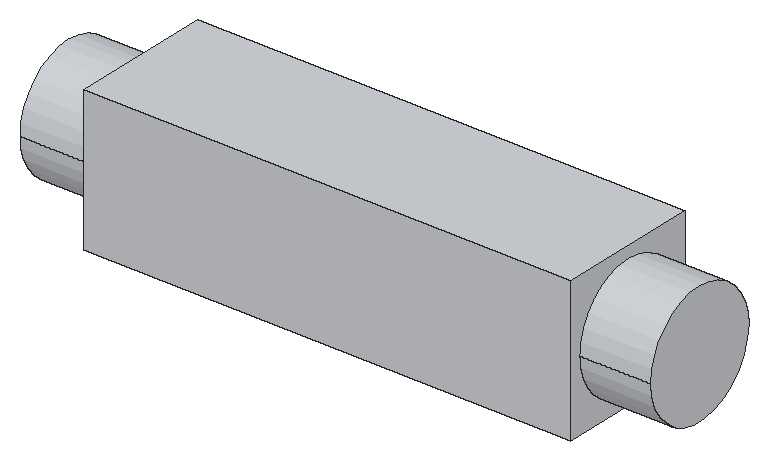
Revit family "M_Corpo do conduíte - Tipo C - PVC", category Conexões do conduite, Revit 2019
Family settings
  Cota do conector redondo = Usar raio
  Tipo de parte = União
  Número OmniClass = 23.80.30.17.11
  Título OmniClass = Conduits
  ID de item do Seek = Conduit Body - Type C - PVC-0000-CAN-ENU
  Com base no plano de trabalho = Não
  Sempre na vertical = Sim
  Corte com vazios quando carregada = Não
  Compartilhado = Não
Parameters (values of type "Padrão")
  Comprimento total [instance] = size_lookup(Pesquisa de tamanho de conduite, "TLgt", 3.77 * Diâmetro nominal + 83.542 mm, Diâmetro nominal)  # 142.392 mm
  Raio nominal [instance] = 8 mm
  Diâmetro nominal [instance] = Raio nominal * 2  # 16 mm
  Raio externo da conexão [instance] = Diâmetro externo da conexão * 0.5  # 13.716 mm
  Diâmetro externo da conexão [instance] = size_lookup(Pesquisa de tamanho de conduite, "FOD", 1.14 * Diâmetro nominal + 12.7 mm, Diâmetro nominal)  # 27.432 mm
  Pesquisa de tamanho de conduite = "M_Conduit Body - Type C - PVC"
  Comprimento do conduíte [instance] = size_lookup(Pesquisa de tamanho de conduite, "CLgt", 0.46 * Diâmetro nominal + 11.41 mm, Diâmetro nominal)  # 16.231 mm
  Largura do corpo do conduíte [instance] = size_lookup(Pesquisa de tamanho de conduite, "CBW", 1.34 * Diâmetro nominal + 15.28 mm, Diâmetro nominal)  # 32.207 mm
Reference planes
  plane 1 "Centro (Frente/Trás)": y = 0
  plane 2: z = 0
  plane 3 "Centro (Esquerda/Direita)": x = 0
  plane 4: y = 16.104
  plane 5: y = -16.104
  plane 6: z = 16.104
  plane 7: z = -16.104
  plane 8: x = 16.231
  plane 9: x = 126.162
  plane 10: x = 142.392
Forms (mm)
  Extrusion 1, solid
    sketch origin (0, 0, 0) x (1, 0, 0) y (0, 1, 0)
      loop
        line (16.231, 16.104) -> (16.231, -16.104) -> (126.162, -16.104) -> (126.162, 16.104) -> (16.231, 16.104)
    from -16.104 to 16.104
  Extrusion 2, solid, detail levels fine
    sketch origin (0, 0, 0) x (0, 1, 0) y (0, 0, 1)
      loop
        circle (0, 0) r 13.716
    from 0 to 16.231
  Extrusion 3, solid, detail levels fine
    sketch origin (0, 0, 0) x (0, 1, 0) y (0, 0, 1)
      loop
        circle (0, 0) r 13.716
    from 126.162 to 142.392
Cuts and joins
  joined: Extrusion 2, Extrusion 3
Lines and regions (mm)
  model lines, detail levels coarse+medium
    curve 1: line (0, 0, 0) -> (16.231, 0, 0)
    curve 2: line (126.162, 0, 0) -> (142.392, 0, 0)
Dimensions and locks
  equal spacing: plane 4, plane 1 "Centro (Frente/Trás)", plane 5
  "Largura do corpo do conduíte": plane 4 to plane 5
  equal spacing: plane 6, plane 2, plane 7
  "Largura do corpo do conduíte": plane 6 to plane 7
  "Comprimento do conduíte": plane 3 "Centro (Esquerda/Direita)" to plane 8
  "Comprimento total": plane 3 "Centro (Esquerda/Direita)" to plane 10
  "Comprimento do conduíte": plane 9 to plane 10
  "Raio externo da conexão": radius of Extrusion 2 sketch curve
  "Raio externo da conexão": radius of Extrusion 3 sketch curve
  aligned and locked: plane 8 to Extrusion 1 sketch curve
  aligned and locked: Extrusion 1 sketch curve to plane 9
  aligned and locked: Extrusion 1 sketch curve to plane 4
  aligned and locked: plane 5 to Extrusion 1 sketch curve
  aligned and locked: Extrusion 1 to plane 7
  aligned and locked: plane 6 to Extrusion 1
  aligned and locked: plane 2 to Extrusion 2 sketch curve
  aligned and locked: plane 1 "Centro (Frente/Trás)" to Extrusion 2 sketch curve
  aligned and locked: Extrusion 2 to plane 3 "Centro (Esquerda/Direita)"
  aligned and locked: plane 8 to Extrusion 2
  aligned and locked: plane 1 "Centro (Frente/Trás)" to Extrusion 3 sketch curve
  aligned and locked: plane 2 to Extrusion 3 sketch curve
  aligned and locked: Extrusion 3 to plane 9
  aligned and locked: plane 10 to Extrusion 3
  aligned and locked: plane 3 "Centro (Esquerda/Direita)" to curve 1
  aligned and locked: plane 8 to curve 1
  aligned and locked: plane 1 "Centro (Frente/Trás)" to curve 1
  aligned and locked: plane 9 to curve 2
  aligned and locked: plane 10 to curve 2
  aligned and locked: plane 1 "Centro (Frente/Trás)" to curve 2
Connectors
  cabletrayconduit at (0, 0, 0), diameter 16, driven by "Raio nominal"
    settings: on Extrusion 2, index 1, connector width 304.8 mm, connector height 304.8 mm, connector angle 0.00°, system type 32, placement type 0, profile type 0, connector reference index 2, is primary connector yes, connector utility param no, connector description ""
  cabletrayconduit at (142.392, 0, 0), diameter 16, driven by "Raio nominal"
    settings: on Extrusion 3, index 2, connector width 304.8 mm, connector height 304.8 mm, connector angle 0.00°, system type 32, placement type 0, profile type 0, connector reference index 1, is primary connector no, connector utility param no, connector description ""
